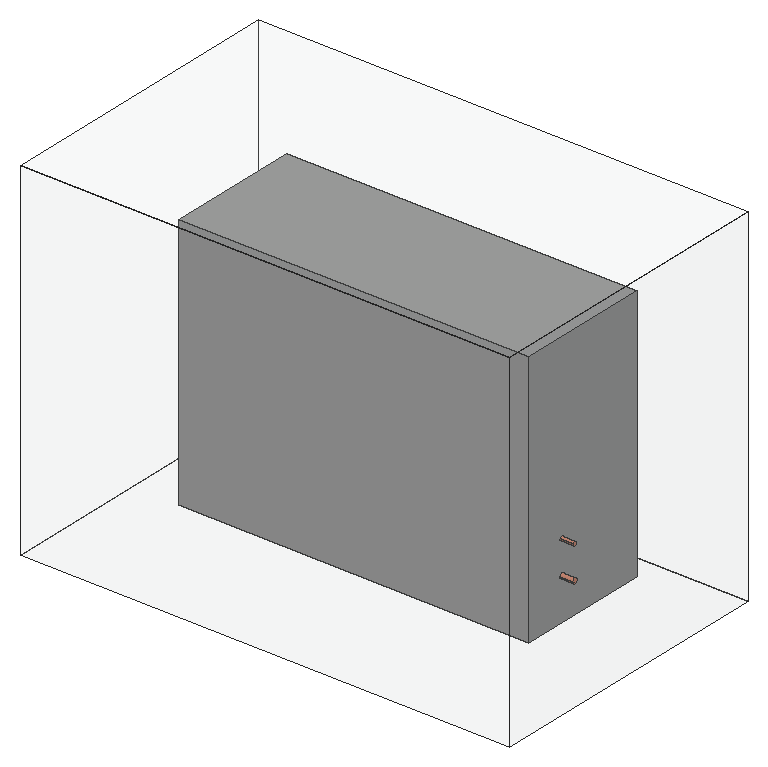
Revit family "Hitachi_RAC-25YHA5_35-YHA6_Outdoor_Unit_1116", category Mechanical Equipment, Revit 2013
Parameters (values of type "RAC-35YHA6")
  Weight (kg) = 38
  Unit Width = 750 mm
  Unit Height = 548 mm
  URL = "www.temperzone.biz"
  Top Clearance = 200 mm
  Sound Pressure Level (dbA) - Cool / Heat = "47 / 48"
  Right Clearance = 200 mm
  Refrigerant Type = "R410A"
  Refrigerant Pipe Charge Length = "20m"
  Refrig Pipe Offset from Back = 202 mm
  Radius pipe Top LIQUID = 3.2 mm
  Radius Pipe Bottom GAS = 4.7 mm
  Power Suppy = "240 / 1"
  Pipe Length (min./max.) = "2m to 20m"
  Pipe Height (max.) = "10m"
  Pipe Connection Size - Liquid = "6.35 mm"
  Pipe Connection Size - Gas = "9.5 mm"
  Outdoor Operating Temp. (heating) C db = "21 to -15 C"
  Outdoor Operating Temp. (cooling) C db = "43 to -10 C"
  Model - Indoor = "RAS-35YHA5"
  Model = "RAC-35YHA5"
  Recommended External Protection = 16 A
  Material = "Hitachi - Outdoor Unit"
  Manufacturer = "Temperzone / Hitachi"
  Left Clearance = 100 mm
  Interconnecting Wires = "3 + E, 1.5 mm"
  Height Refrig Pipe (Bottom - GAS) = 91 mm
  Height Refig Pipe (Top LIQUID) = 162.5 mm
  Heating Range = "1.1 - 5.5 kW"
  Heating Capacity = 4000 W
  Front Clearance = 300 mm
  Unit Depth = 288 mm
  Energy Star = yes
  EER Cooling = 3.74
  Description = "Hitachi Outdoor Unit RAC-35YHA5"
  Cooling Range = "1.1 - 4.2 kW"
  Cooling Capacity = 3500 W
  Clearance = Default
  COP Heating = 4.11
  Back Clearance = 50 mm
  Airflow - Med = 147.0 L/s
  Airflow - Low = 92.0 L/s
  Airflow - Hi = 158.0 L/s
  Airflow - ExLow = 55.0 L/s
Types (3, lengths in mm): name | Weight (kg) | Model - Indoor | Model | Recommended External Protection | Heating Range | Heating Capacity | EER Cooling | Description | Cooling Range | Cooling Capacity | COP Heating | Airflow - Med | Airflow - Low | Airflow - Hi
  (no name) | 38 | "RAS-35YHA5" | "RAC-35YHA5" | 16 A | "1.1 - 5.5 kW" | 4000 W | 3.74 | "Hitachi Outdoor Unit RAC-35YHA5" | "1.1 - 4.2 kW" | 3500 W | 4.11 | 147.0 L/s | 92.0 L/s | 158.0 L/s
  RAC-25YHA5 | 33 | "RAS-25YHA5" | "RAC-25YHA5" | 15 A | "1.0 - 4.4 kW" | 3200 W | 4.51 | "Hitachi Outdoor Unit RAC-25YHA5" | "1.0 - 3.2 kW" | 2500 W | 4.68 | 112.0 L/s | 83.0 L/s | 153.0 L/s
  RAC-35YHA6 | 38 | "RAS-35YHA5" | "RAC-35YHA5" | 16 A | "1.1 - 5.5 kW" | 4000 W | 3.74 | "Hitachi Outdoor Unit RAC-35YHA5" | "1.1 - 4.2 kW" | 3500 W | 4.11 | 147.0 L/s | 92.0 L/s | 158.0 L/s
Reference planes
  plane 1 "Center (Front/Back)": y = 0
  plane 2: z = 0
  plane 3 "Center (Left/Right)": x = 0
  plane 4 "Front": y = -288
  plane 5 "Back Clearance": y = 50
  plane 6 "Right": x = 375
  plane 7 "Left": x = -375
  plane 8 "Front Clearance": y = -588
  plane 9 "Right Clearance": x = 575
  plane 10 "left Clearance": x = -475
  plane 11 "Top": z = 548
  plane 12 "Top Clearance": z = 748
  plane 13 "Refrig Lines": y = -202
  plane 14: z = 162.5
  plane 15: z = 91
  plane 16 "Circle Centre horizontal": z = 274
  plane 17 "Circle centre vertical": x = -75
  plane 18: x = 225
  plane 19: x = 325
  plane 20: z = 523.5
  plane 21: z = 24.5
Forms (mm)
  Extrusion 1, solid, material "Steel, Paint Finish, Ivory, Matte"
    sketch origin (0, 0, 0) x (1, 0, 0) y (0, 1, 0)
      loop
        line (-375, 0) -> (-375, -288) -> (375, -288) -> (375, 0) -> (-375, 0)
    from 0 to 548
  Extrusion 2, solid, material "Clearance Zone"
    sketch origin (0, 0, 0) x (1, 0, 0) y (0, 1, 0)
      loop
        line (-475, 50) -> (-475, -588) -> (575, -588) -> (575, 50) -> (-475, 50)
    from 0 to 748
  Extrusion 3, solid, material "Copper"
    sketch origin (375, 0, 0) x (0, -1, 0) y (0, 0, -1)
      loop
        circle (202, -162.5) r 3.2
    from 0 to 30
  Extrusion 4, solid, material "Copper"
    sketch origin (375, 0, 0) x (0, -1, 0) y (0, 0, -1)
      loop
        circle (202, -91) r 4.7
    from 0 to 30
Lines and regions (mm)
  model lines
    curve 1: circle (-75, -288, 274) r 250 normal (0, 1, 0)
    curve 2: line (225, -288, 523.5) -> (325, -288, 523.5)
    curve 3: line (225, -288, 24.5) -> (225, -288, 523.5)
    curve 4: line (325, -288, 24.5) -> (225, -288, 24.5)
    curve 5: line (325, -288, 523.5) -> (325, -288, 24.5)
Dimensions and locks
  equal spacing: plane 7 "Left", plane 3 "Center (Left/Right)", plane 6 "Right"
  "Unit Width": plane 7 "Left" to plane 6 "Right"
  "Unit Depth": plane 4 "Front" to plane 1 "Center (Front/Back)"
  "Back Clearance": plane 1 "Center (Front/Back)" to plane 5 "Back Clearance"
  "Unit Height": plane 11 "Top" to plane 2
  "Top Clearance": plane 12 "Top Clearance" to plane 11 "Top"
  "Left Clearance": plane 10 "left Clearance" to plane 7 "Left"
  "Right Clearance": plane 6 "Right" to plane 9 "Right Clearance"
  "Front Clearance": plane 4 "Front" to plane 8 "Front Clearance"
  "Refrig Pipe Offset from Back": plane 13 "Refrig Lines" to plane 1 "Center (Front/Back)"
  "Height Refrig Pipe (Bottom - GAS)": plane 15 to level
  "Height Refig Pipe (Top LIQUID)": plane 14 to level
  locked: plane 7 "Left" to plane 17 "Circle centre vertical" at 300
  equal spacing: plane 11 "Top", plane 16 "Circle Centre horizontal", level
  locked: plane 18 to plane 17 "Circle centre vertical" at 300
  locked: plane 19 to plane 6 "Right" at 50
  equal spacing: plane 20, plane 16 "Circle Centre horizontal", plane 21
  locked: plane 20 to plane 21 at 499
  "Radius pipe Top LIQUID": radius of Extrusion 3 sketch curve
  "Radius Pipe Bottom GAS": radius of Extrusion 4 sketch curve
  aligned and locked: level to plane 2
  aligned and locked: plane 1 "Center (Front/Back)" to Extrusion 1 sketch curve
  aligned and locked: Extrusion 1 sketch curve to plane 7 "Left"
  aligned and locked: plane 4 "Front" to Extrusion 1 sketch curve
  aligned and locked: Extrusion 1 sketch curve to plane 6 "Right"
  aligned and locked: plane 11 "Top" to Extrusion 1
  aligned and locked: Extrusion 1 to plane 2
  aligned and locked: Extrusion 2 sketch curve to plane 5 "Back Clearance"
  aligned and locked: plane 10 "left Clearance" to Extrusion 2 sketch curve
  aligned and locked: plane 8 "Front Clearance" to Extrusion 2 sketch curve
  aligned and locked: Extrusion 2 sketch curve to plane 9 "Right Clearance"
  aligned and locked: plane 12 "Top Clearance" to Extrusion 2
  aligned and locked: Extrusion 2 to plane 2
  aligned and locked: plane 20 to curve 2
  aligned and locked: curve 3 to plane 18
  aligned and locked: curve 4 to plane 21
  aligned and locked: curve 5 to plane 19
Automatic sketch dimensions
  curve 1 to plane 16 "Circle Centre horizontal" = 0 mm
  curve 1 to plane 17 "Circle centre vertical" = 0 mm
  Extrusion 3 sketch curve to plane 13 "Refrig Lines" = 0 mm
  Extrusion 3 sketch curve to plane 14 = 0 mm
  Extrusion 4 sketch curve to plane 13 "Refrig Lines" = 0 mm
  Extrusion 4 sketch curve to plane 15 = 0 mm
  radius of curve 1 = 250 mm
Connectors
  piping at (405, -202, 162.5), driven by "Radius pipe Top LIQUID"
    settings: on Extrusion 3, index 1, connector radius 3.2 mm, flow factor 0, pipe flow 0.0 L/s, pressure drop 0.0 Pa, fitting loss kfactor 0, connector angle 0.00°, fixture units 0, engagement length 0 mm, flow configuration 2, flow direction 0, fitting loss method 0, system type 22, joint type 0, gender type 0, connector reference index -1, connector utility 0, adjustable connector no, is connector primary yes, fitting loss table "", connector description "Liquid Line (top)"
  piping at (405, -202, 91), driven by "Radius Pipe Bottom GAS"
    settings: on Extrusion 4, index 2, connector radius 4.7 mm, flow factor 0, pipe flow 0.0 L/s, pressure drop 0.0 Pa, fitting loss kfactor 0, connector angle 0.00°, fixture units 0, engagement length 0 mm, flow configuration 0, flow direction 0, fitting loss method 4, system type 22, joint type 0, gender type 0, connector reference index -1, connector utility 0, adjustable connector no, is connector primary no, fitting loss table "", connector description "Gas Line (Bottom)"
